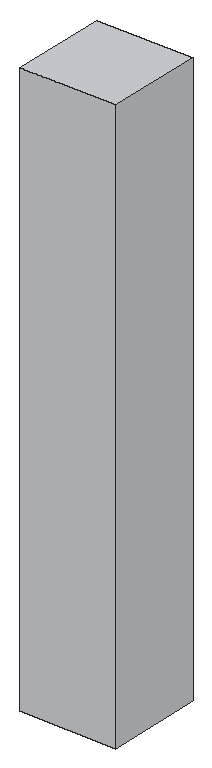
Revit family "Column_Sqaure", category Columns, Revit 2020
Family settings
  OmniClass Number = 23.25.30.11.14.11
  Cut with Voids When Loaded = No
  Automatically joins geometry to walls = Yes
  Shared = No
  Show family pre-cut in plan views = Yes
Parameters (values of type "18" x 18"")
  Width = 1' - 6"
  Depth = 1' - 6"
Types (3): name | Width | Depth
  (no name) | 1' - 6" | 1' - 6"
  24" x 24" | 2' - 0" | 2' - 0"
  18" x 18" | 1' - 6" | 1' - 6"
Reference planes (in)
  plane 1 "Center (Front/Back)": y = 0
  plane 2: z = 0
  plane 3 "Center (Left/Right)": x = 0
  plane 4 "Left": x = -9
  plane 5 "Right": x = 9
  plane 6 "Back": y = 9
  plane 7 "Front": y = -9
Forms (in)
  Extrusion 1, solid
    sketch origin (0, 0, 0) x (1, 0, 0) y (0, 1, 0)
      loop
        line (-9, 9) -> (-9, -9) -> (9, -9) -> (9, 9) -> (-9, 9)
    from 0 to 108
Dimensions and locks (in)
  equal spacing: plane 4 "Left", plane 3 "Center (Left/Right)", plane 5 "Right"
  equal spacing: plane 7 "Front", plane 1 "Center (Front/Back)", plane 6 "Back"
  "Depth": plane 7 "Front" to plane 6 "Back"
  "Width": plane 4 "Left" to plane 5 "Right"
  aligned and locked: level to plane 2
  aligned and locked: plane 6 "Back" to Extrusion 1 sketch curve
  aligned and locked: Extrusion 1 sketch curve to plane 4 "Left"
  aligned and locked: Extrusion 1 sketch curve to plane 7 "Front"
  aligned and locked: plane 5 "Right" to Extrusion 1 sketch curve
  aligned and locked: level to Extrusion 1
